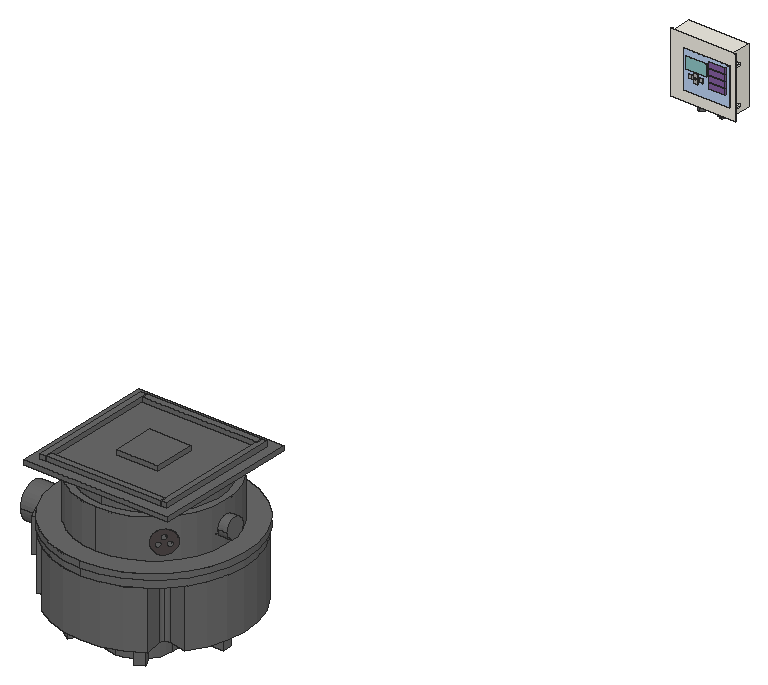
Revit family "28701s", category Generic Models, Revit 2021
Family settings
  Can host rebar = No
  Round Connector Dimension = Use Diameter
  Part Type = Normal
  Work Plane-Based = No
  Always vertical = Yes
  Cut with Voids When Loaded = No
  Shared = Yes
  Room Calculation Point = No
Parameters (values of type "28701S")
  SUPPLIER = "KESSEL"
  SA700ID50 = "nein"
  SA700ID49 = "Protection Class I"
  SA700ID48 = "no"
  SA700ID47 = "no"
  SA700ID46 = "yes"
  SA700ID37 = 10000 mm
  SA700ID34 = 11.5
  SA700ID33 = 1.2 W
  SA700ID32 = 32.50 kg
  SA700ID31 = 1
  SA700ID30 = 1
  SA700ID29 = "RWDR"
  SA700ID21 = 1000
  SA700ID10 = "No"
  SA700ID08 = 230 V
  PROCUREWEBLINK = "https://p.caden.as/kessel/28701S"
  PROCURELINK = "p.caden.as/kessel/28701S"
  PROCUREDATALASTUPDATE = "2024-05-22T12:17:59.982718567+01:00"
  PRC_SPECIFICATIONLINK = "https://ausschreiben.de/catalog/kessel/catalogItem/62a8735a-79bf-4c36-a3b8-16dd8ef09dda"
  NN = "Lifting station Aqualift F Compact Art.-Nr. 28701S, Art.-Nr. 28704S"
  NBSYN = "$SA810ID03."
  NB = "28701S"
  Model = "28701S"
  Manufacturer = "KESSEL"
  MIdent = "{$CADENAS_DATA/23d-libs/kessel/kessel_vdi_import/4/entwaesserung/hebeanlage20aqualift20f20compact_.prj},240 {STYP=ASS},{VTYP=3D},{NB=28701S},{LINA=28701S},{NN=Lifting station Aqualift F Compact Art.-Nr. 28701S, Art.-Nr. 28704S},{DATE=21.11.2022 10:46:02},{GEOMDATE=21.11.2022 10:37:44},{VERSION=},{LINEID=60},{WBVAR=LODLEVEL},{WBNUMERIC=LODLEVEL}  {NB=28701S},{LINA=28701S},{KT=DUMMY},{PREVIEW=../../bilder/ksb_w_28701s.png},{SA700ID04=Hebeanlage Aqualift F Compact, Mono, SPZ 1000-S3, Bodenplatte, schwarz},{SA810ID06=04026092073063},{SA700ID34=11.50},{SA010ID03=201805},{SA810ID03=28701S},{SA810ID10=KESSEL-Abwasserstation Aqualift F compact Einzelhebeanlage fürfäkalienhaltiges undfäkalienfreies Abwasser zum Einbau in die Bodenplatte. Aus Kunststoff,mit teleskopischem Aufsatzstück für stufenlosen Höhen- undNivauausgleich und integriertem Bodenablauf mit Geruchsverschluss.Dichtungsflansch für Feuchtigkeitsabdichtung,Einem seitlichen Zulauf DN 100, Anschlussbohrung mit Dichtung DN 50 fürKabelleerrohrund DN 70 für Entlüftungsleitung.Eine Fäkalienpumpe mit Schneideinrichtung gemäß DIN EN 12050,mit Drucksensor, optischer Alarmsonde und integrierterRückschlagklappe sowie Einhandschnellverschlüssen zurwerkzeugfreien Wartung.Mit Comfort Schaltgerät zur Wandmontage in trockenen, frostgeschütztenRäumen, spritzwassergeschützt, vollautomatischer Pumpenansteuerung mitoptischer und akustischer Alarmmeldung, detaillierte Betriebs- undStörungsanzeige im mehrzeiligem Display.  Potentialfreier Kontakt zurWeiterleitungeiner Sammelstör bzw.-alarmmeldung nachrüstbar.Einbauart: Einbau in die BodenplatteEinbautiefe: 460 mm bis 640 mmAbdeckplatte:  400 x 400 mm schwarzBauaufsichtliche Zulassung Z 53.2-484},{SA700ID37=10.00},{SA700ID33=1.20},{SA700ID08=230},{SA700ID30=1},{SA700ID32=32.50},{SA700ID49=Schutzklasse I},{SA700ID50=nein},{SA200ID03=6},{SA250ID03=vertikal},{SA260ID03=Trockenläuferpumpe},{SA350ID03=normalansaugend},{SA400ID03=E-Motor für Wechselstrom},{SA460ID03=direkt},{SA500ID03=Kunststoff, Edelstahl},{SA700ID06=32},{SA700ID07=100},{SA700ID09=1/N/PE 230V},{SA700ID10=Nein},{SA700ID11=50},{SA700ID12=IP 68},{SA700ID13=F},{SA700ID15=35},{SA700ID21=1000.00},{SA700ID22=0.69},{SA700ID23=2800},{SA700ID24=2800},{SA700ID26=5.20},{SA700ID27=14.90},{SA700ID28=durchgehend},{SA700ID29=RWDR},{SA700ID31=1},{SA700ID46=ja},{SA700ID47=nein},{SA700ID48=nein},{SA110ID04=Hebeanlage Aqualift F Compact},{SA300ID03=einstufig},{SA700ID44=10.00},{SA700ID45=10.00},{SA010ID04=KESSEL AG},{LODLEVEL=200},{LINK=https://www.kessel.de/info?han=28701S},{SA970ID01=970},{SA970ID02=7263},{SA970ID03=28701S},{SA970ID04=11002617},{SA970ID05=QUAD},{SA970ID06=-380.0100098},{SA970ID07=-295},{SA970ID08=-207},{SA970ID09=1},{SA970ID10=0},{SA970ID11=0},{SA970ID12=0},{SA970ID13=1},{SA970ID14=0},{SA970ID15=675},{SA970ID16=589.98999},{SA970ID17=490},{LODLEVEL_=200,'Low'},{LODLEVEL_DEU=200,'Low'},{LINK_=https://www.kessel.de/info?han=28701S},{LINK_DEU=https://www.kessel.de/info?han=28701S},{LODLEVEL_3DB=28701S_200},{DNIN1=100},{DNOUT1=32},{DNOUT2=50},{ISD1=80},{ISD2=38},{ISD3=MIN},{SA010ID01=010},{SA010ID02=4},{SA010ID06=www.kessel.de},{SA010ID07=www.kessel.de},{SA010ID12=20180713},{SA010ID13=DEU},{SA010ID14=DE},{SA100ID01=100},{SA100ID02=4},{SA100ID04=Entwässerung},{SA110ID01=110},{SA110ID02=5},{SA200ID01=200},{SA200ID02=6},{SA250ID01=250},{SA250ID02=2},{SA260ID01=260},{SA260ID02=2},{SA300ID01=300},{SA300ID02=1},{SA350ID01=350},{SA350ID02=1},{SA400ID01=400},{SA400ID02=1},{SA460ID01=460},{SA460ID02=1},{SA500ID01=500},{SA500ID02=1},{SA700ID01=700},{SA700ID02=32},{SA700ID10_=0},{SA700ID16=0},{SA700ID25=0},{SA700ID46_=1},{SA700ID47_=0},{SA700ID48_=0},{SA700ID49_=1},{SA700ID50_=0},{SA800ID01=800},{SA800ID02=2},{SA810ID01=810},{SA810ID02=32},{SA810ID04=28701S},{SA810ID07=32},{SA810ID09=1},{SA810ID14=PCE},{SA810ID15=1},{SA810ID16=NMP},{SA960ID03=32},{SA960ID04=3L},{SA960ID08=https://www.kessel.de/info?han=28701S},{SA010ID08=4026092000007},{SA100ID05=Hebeanlage},{SA110ID06=Hebeanlage}"
  LINK = "https://www.kessel.de/info?han=28701S"
  LINA = "28701S"
  Default Elevation = 0 mm
  CREATOR = "CADENAS GmbH"
  CATALOG = "KESSEL"
  BOMINFO = "LINA"
  ARTICLENO = "NB"
  4.810.00.9 Order quantity (multiplicator) = "1"
  4.810.00.7 Media- connection number = "32"
  4.810.00.6 GTIN number = "04026092073063"
  4.810.00.4 DATANORM number = "28701S"
  4.810.00.3 Producer order number = "28701S"
  4.710.03.7 Mass (net) = 32.50 kg
  4.710.03.5 Width = 590 mm
  4.710.03.4 Length = 670 mm
  4.710.03.3 Type of dimensions = "2"
  4.710.02.8 Area of application of wastewater pump = "1"
  4.710.02.7 Art des S2/S3-Betriebs = "50 %"
  4.710.02.6 Duty type = "S3"
  4.710.02.5 Cutting device = "1"
  4.710.02.4 Attached pump control = "1"
  4.710.01.5 Load regulation = "1"
  4.710.01.4 Designation of closed-loop control = "20"
  4.710.01.3 Identifier for closed-loop control = "40"
  4.700.00.9 Voltage = 0
  4.700.00.8 Nominal connection size on suction side = "100"
  4.700.00.7 Nominal connection size on pressure side = "100"
  4.700.00.6 Type of connection = "32"
  4.700.00.4 Product indentification = "Hebeanlage Aqualift F Compact, Mono, SPZ 1000-S3, Bodenplatte, schwarz"
  4.700.00.28 Motor pump shaft = "durchgehend"
  4.700.00.27 Starting current = 14.9
  4.700.00.26 Maximum power consumption per pump / drive = 5.2
  4.700.00.25 Minimum speed at internal speed adjustment = 0
  4.700.00.24 Nominal speed / maximum speed n = 46.6667
  4.700.00.23 Nominal speed of motor = 46.6667
  4.700.00.22 Maximum shaft output (P2) per pump/drive = 0.69 W
  4.700.00.16 Maximum temperature of pumped medium = 0 °C
  4.700.00.15 Increased safety class = "35 °C"
  4.700.00.13 Type of protection = "F"
  4.700.00.12 Frequency = 0
  4.700.00.11 Stern-/Dreieck-Anlaufschaltung bei Dreiphasenanschluss oder Drehstrom = "50 Hz"
  4.700.00.10 Phase = "0"
  4.500.00.3 Variant / Variant type / Accessories-name = "Kunststoff, Edelstahl"
  4.460.00.3 Variant / Variant type / Accessories-name = "direkt"
  4.400.00.3 Variant / Variant type / Accessories-name = "E-Motor für Wechselstrom"
  4.350.00.3 Variant / Variant type / Accessories-name = "normalansaugend"
  4.300.00.3 Variant / Variant type / Accessories-name = "einstufig"
  4.260.00.3 Variant / Variant type / Accessories-name = "Trockenläuferpumpe"
  4.250.00.3 Variant / Variant type / Accessories-name = "vertikal"
  4.200.00.3 Variant / Variant type / Accessories-name = "6"
  4.110.00.6 Product classification = "Hebeanlage"
  4.110.00.4 Product indentification = "Hebeanlage Aqualift F Compact"
  4.100.00.5 Main groups of wares = "Hebeanlage"
  4.100.00.4 Product indentification = "Entwässerung"
  4.010.00.8 Producer ID number = "4026092000007"
  4.010.00.7 Comment = "www.kessel.de"
  4.010.00.6 Web address of the manufacturer = "www.kessel.de"
  4.010.00.4 Manufacturer name = "KESSEL AG"
  4.010.00.3 Date of issuance (month) of guideline = "201805"
  4.010.00.2 Sheet number of the guideline = "4"
  4.010.00.14 Kennungen der Projektländer, für die die Datei gültig ist = "DE"
  4.010.00.13 Sprache der Datei = "DEU"
  4.010.00.12 Stand des Herstellerkatalogs = "20180713"
Reference planes
  plane 1 "Center (Front/Back)": y = 0
  plane 2: z = 0
  plane 3 "Center (Left/Right)": x = 0
Dimensions and locks
  aligned and locked: level to plane 2
Nested families
  nested 1: "28701s_content" at (0, 0, 0), type "28701S_Content"
  nested 2: "28701s_part1_X0Y0" at (1000, 1000, 1200), type "28701S_PART1_X0Y0"
  nested 3: "28701s_part2_X0Y0" at (0, 0, 0), type "28701S_PART2_X0Y0"
Connectors
  electrical at (936.5, 972.5, 1166.5)
    settings: on nested 2, index 1, voltage 0 V, apparent load 0 VA, apparent load phase1 0 VA, apparent load phase2 0 VA, apparent load phase3 0 VA, power factor 1, load classification "Other", number of poles 1, system type 31, power factor state 1, is connector primary yes, connector utility no, sub classification motor no, connector description ""
  electrical at (971, 972.5, 1163)
    settings: on nested 2, index 2, voltage 0 V, apparent load 0 VA, apparent load phase1 0 VA, apparent load phase2 0 VA, apparent load phase3 0 VA, power factor 1, load classification "Other", number of poles 1, system type 31, power factor state 1, is connector primary no, connector utility no, sub classification motor no, connector description ""
  electrical at (1005, 972.5, 1173)
    settings: on nested 2, index 3, voltage 0 V, apparent load 0 VA, apparent load phase1 0 VA, apparent load phase2 0 VA, apparent load phase3 0 VA, power factor 1, load classification "Other", number of poles 1, system type 31, power factor state 1, is connector primary no, connector utility no, sub classification motor no, connector description ""
  electrical at (1033, 972.5, 1161.3)
    settings: on nested 2, index 4, voltage 0 V, apparent load 0 VA, apparent load phase1 0 VA, apparent load phase2 0 VA, apparent load phase3 0 VA, power factor 1, load classification "Other", number of poles 1, system type 31, power factor state 1, is connector primary no, connector utility no, sub classification motor no, connector description ""
  electrical at (1057.5, 972.5, 1198.5)
    settings: on nested 2, index 5, voltage 0 V, apparent load 0 VA, apparent load phase1 0 VA, apparent load phase2 0 VA, apparent load phase3 0 VA, power factor 1, load classification "Other", number of poles 1, system type 31, power factor state 1, is connector primary no, connector utility no, sub classification motor no, connector description ""
  electrical at (1079.5, 972.5, 1198.5)
    settings: on nested 2, index 6, voltage 0 V, apparent load 0 VA, apparent load phase1 0 VA, apparent load phase2 0 VA, apparent load phase3 0 VA, power factor 1, load classification "Other", number of poles 1, system type 31, power factor state 1, is connector primary no, connector utility no, sub classification motor no, connector description ""
  piping at (-380, 0, 0), diameter 100
    settings: on nested 3, index 7, connector inside diameter 609.6 mm, connector length 0 mm, flow factor 0, pipe flow 0.0 L/s, pressure drop 0.0 Pa, fitting loss kfactor 0, connector angle 0.00°, fixture units 0, engagement length 0 mm, angle of deflection 0.00°, flow configuration 0, flow direction 1, fitting loss method 2, system type 29, joint type 0, gender type 0, connector reference index -1, connector utility 0, adjustable connector no, is connector primary yes, connector description ""
  piping at (-281.018, 118.476, 15.5), diameter 32
    settings: on nested 3, index 8, connector inside diameter 609.6 mm, connector length 0 mm, flow factor 0, pipe flow 0.0 L/s, pressure drop 0.0 Pa, fitting loss kfactor 0, connector angle 0.00°, fixture units 0, engagement length 0 mm, angle of deflection 0.00°, flow configuration 0, flow direction 2, fitting loss method 2, system type 29, joint type 0, gender type 0, connector reference index -1, connector utility 0, adjustable connector no, is connector primary no, connector description ""
  piping at (259.1, 0, 144), diameter 50
    settings: on nested 3, index 9, connector inside diameter 609.6 mm, connector length 0 mm, flow factor 0, pipe flow 0.0 L/s, pressure drop 0.0 Pa, fitting loss kfactor 0, connector angle 0.00°, fixture units 0, engagement length 0 mm, angle of deflection 0.00°, flow configuration 0, flow direction 2, fitting loss method 2, system type 29, joint type 0, gender type 0, connector reference index -1, connector utility 0, adjustable connector no, is connector primary no, connector description ""
  electrical at (177.761, -156.561, 139)
    settings: on nested 3, index 10, voltage 0 V, apparent load 0 VA, apparent load phase1 0 VA, apparent load phase2 0 VA, apparent load phase3 0 VA, power factor 1, load classification "Other", number of poles 1, system type 31, power factor state 1, is connector primary no, connector utility no, sub classification motor no, connector description ""
  electrical at (167.161, -167.161, 159)
    settings: on nested 3, index 11, voltage 0 V, apparent load 0 VA, apparent load phase1 0 VA, apparent load phase2 0 VA, apparent load phase3 0 VA, power factor 1, load classification "Other", number of poles 1, system type 31, power factor state 1, is connector primary no, connector utility no, sub classification motor no, connector description ""
  electrical at (156.561, -177.761, 139)
    settings: on nested 3, index 12, voltage 0 V, apparent load 0 VA, apparent load phase1 0 VA, apparent load phase2 0 VA, apparent load phase3 0 VA, power factor 1, load classification "Other", number of poles 1, system type 31, power factor state 1, is connector primary no, connector utility no, sub classification motor no, connector description ""
Definition of nested family "28701s_part1_X0Y0"
  Parameters (values of type "28701S_PART1_X0Y0")
    SUPPLIER = "KESSEL"
    SA700ID50 = "nein"
    SA700ID49 = "Protection Class I"
    SA700ID48 = "no"
    SA700ID47 = "no"
    SA700ID46 = "yes"
    SA700ID37 = 10000 mm
    SA700ID34 = 11.5
    SA700ID33 = 1.2 W
    SA700ID32 = 32.50 kg
    SA700ID31 = 1
    SA700ID30 = 1
    SA700ID29 = "RWDR"
    SA700ID21 = 1000
    SA700ID10 = "No"
    SA700ID08 = 230 V
    NBSYN = "$SA810ID03._PART1"
    NB = "28701S_PART1"
    Model = "28701S_PART1"
    Manufacturer = "KESSEL"
    MIdent = "{$CADENAS_DATA/23d-libs/kessel/kessel_vdi_import/4/entwaesserung/hebeanlage20aqualift20f20compact_.prj},260 {VTYP=3D},{NB=28701S_PART1},{LINA=28701S_PART1},{NN=Lifting station Aqualift F Compact Art.-Nr. 28701S, Art.-Nr. 28704S_PART1},{NOPRJ=TRUE},{DATE=21.11.2022 10:46:02},{GEOMDATE=21.11.2022 10:37:44},{VERSION=},{LINEID=60},{WBVAR=LODLEVEL},{WBNUMERIC=LODLEVEL}  {NB=28701S_PART1},{LINA=28701S_PART1},{KT=DUMMY},{PREVIEW=../../bilder/ksb_w_28701s.png},{SA700ID04=Hebeanlage Aqualift F Compact, Mono, SPZ 1000-S3, Bodenplatte, schwarz},{SA810ID06=04026092073063},{SA700ID34=11.50},{SA010ID03=201805},{SA810ID03=28701S},{SA810ID10=KESSEL-Abwasserstation Aqualift F compact Einzelhebeanlage fürfäkalienhaltiges undfäkalienfreies Abwasser zum Einbau in die Bodenplatte. Aus Kunststoff,mit teleskopischem Aufsatzstück für stufenlosen Höhen- undNivauausgleich und integriertem Bodenablauf mit Geruchsverschluss.Dichtungsflansch für Feuchtigkeitsabdichtung,Einem seitlichen Zulauf DN 100, Anschlussbohrung mit Dichtung DN 50 fürKabelleerrohrund DN 70 für Entlüftungsleitung.Eine Fäkalienpumpe mit Schneideinrichtung gemäß DIN EN 12050,mit Drucksensor, optischer Alarmsonde und integrierterRückschlagklappe sowie Einhandschnellverschlüssen zurwerkzeugfreien Wartung.Mit Comfort Schaltgerät zur Wandmontage in trockenen, frostgeschütztenRäumen, spritzwassergeschützt, vollautomatischer Pumpenansteuerung mitoptischer und akustischer Alarmmeldung, detaillierte Betriebs- undStörungsanzeige im mehrzeiligem Display.  Potentialfreier Kontakt zurWeiterleitungeiner Sammelstör bzw.-alarmmeldung nachrüstbar.Einbauart: Einbau in die BodenplatteEinbautiefe: 460 mm bis 640 mmAbdeckplatte:  400 x 400 mm schwarzBauaufsichtliche Zulassung Z 53.2-484},{SA700ID37=10.00},{SA700ID33=1.20},{SA700ID08=230},{SA700ID30=1},{SA700ID32=32.50},{SA700ID49=Schutzklasse I},{SA700ID50=nein},{SA200ID03=6},{SA250ID03=vertikal},{SA260ID03=Trockenläuferpumpe},{SA350ID03=normalansaugend},{SA400ID03=E-Motor für Wechselstrom},{SA460ID03=direkt},{SA500ID03=Kunststoff, Edelstahl},{SA700ID06=32},{SA700ID07=100},{SA700ID09=1/N/PE 230V},{SA700ID10=Nein},{SA700ID11=50},{SA700ID12=IP 68},{SA700ID13=F},{SA700ID15=35},{SA700ID21=1000.00},{SA700ID22=0.69},{SA700ID23=2800},{SA700ID24=2800},{SA700ID26=5.20},{SA700ID27=14.90},{SA700ID28=durchgehend},{SA700ID29=RWDR},{SA700ID31=1},{SA700ID46=ja},{SA700ID47=nein},{SA700ID48=nein},{SA110ID04=Hebeanlage Aqualift F Compact},{SA300ID03=einstufig},{SA700ID44=10.00},{SA700ID45=10.00},{SA010ID04=KESSEL AG},{LODLEVEL=200},{LINK=https://www.kessel.de/info?han=28701S},{SA970ID01=970},{SA970ID02=7263},{SA970ID03=28701S},{SA970ID04=11002617},{SA970ID05=QUAD},{SA970ID06=-380.0100098},{SA970ID07=-295},{SA970ID08=-207},{SA970ID09=1},{SA970ID10=0},{SA970ID11=0},{SA970ID12=0},{SA970ID13=1},{SA970ID14=0},{SA970ID15=675},{SA970ID16=589.98999},{SA970ID17=490},{LODLEVEL_=200,'Low'},{LODLEVEL_DEU=200,'Low'},{LINK_=https://www.kessel.de/info?han=28701S},{LINK_DEU=https://www.kessel.de/info?han=28701S},{LODLEVEL_3DB=28701S_200},{DNIN1=100},{DNOUT1=32},{DNOUT2=50},{ISD1=80},{ISD2=38},{ISD3=MIN},{SA010ID01=010},{SA010ID02=4},{SA010ID06=www.kessel.de},{SA010ID07=www.kessel.de},{SA010ID12=20180713},{SA010ID13=DEU},{SA010ID14=DE},{SA100ID01=100},{SA100ID02=4},{SA100ID04=Entwässerung},{SA110ID01=110},{SA110ID02=5},{SA200ID01=200},{SA200ID02=6},{SA250ID01=250},{SA250ID02=2},{SA260ID01=260},{SA260ID02=2},{SA300ID01=300},{SA300ID02=1},{SA350ID01=350},{SA350ID02=1},{SA400ID01=400},{SA400ID02=1},{SA460ID01=460},{SA460ID02=1},{SA500ID01=500},{SA500ID02=1},{SA700ID01=700},{SA700ID02=32},{SA700ID10_=0},{SA700ID16=0},{SA700ID25=0},{SA700ID46_=1},{SA700ID47_=0},{SA700ID48_=0},{SA700ID49_=1},{SA700ID50_=0},{SA800ID01=800},{SA800ID02=2},{SA810ID01=810},{SA810ID02=32},{SA810ID04=28701S},{SA810ID07=32},{SA810ID09=1},{SA810ID14=PCE},{SA810ID15=1},{SA810ID16=NMP},{SA960ID03=32},{SA960ID04=3L},{SA960ID08=https://www.kessel.de/info?han=28701S},{SA010ID08=4026092000007},{SA100ID05=Hebeanlage},{SA110ID06=Hebeanlage}"
    LINK = "https://www.kessel.de/info?han=28701S"
    LINA = "28701S_PART1"
    Default Elevation = 1219.2 mm
    CREATOR = "CADENAS GmbH"
    CATALOG = "KESSEL"
    BOMINFO = "LINA"
    ARTICLENO = "NB"
    4.810.00.9 Order quantity (multiplicator) = "1"
    4.810.00.7 Media- connection number = "32"
    4.810.00.6 GTIN number = "04026092073063"
    4.810.00.4 DATANORM number = "28701S"
    4.810.00.3 Producer order number = "28701S"
    4.710.03.7 Mass (net) = 32.50 kg
    4.710.03.5 Width = 590 mm
    4.710.03.4 Length = 670 mm
    4.710.03.3 Type of dimensions = "2"
    4.710.02.8 Area of application of wastewater pump = "1"
    4.710.02.7 Art des S2/S3-Betriebs = "50 %"
    4.710.02.6 Duty type = "S3"
    4.710.02.5 Cutting device = "1"
    4.710.02.4 Attached pump control = "1"
    4.710.01.5 Load regulation = "1"
    4.710.01.4 Designation of closed-loop control = "20"
    4.710.01.3 Identifier for closed-loop control = "40"
    4.700.00.9 Voltage = 0
    4.700.00.8 Nominal connection size on suction side = "100"
    4.700.00.7 Nominal connection size on pressure side = "100"
    4.700.00.6 Type of connection = "32"
    4.700.00.4 Product indentification = "Hebeanlage Aqualift F Compact, Mono, SPZ 1000-S3, Bodenplatte, schwarz"
    4.700.00.28 Motor pump shaft = "durchgehend"
    4.700.00.27 Starting current = 14.9
    4.700.00.26 Maximum power consumption per pump / drive = 5.2
    4.700.00.25 Minimum speed at internal speed adjustment = 0
    4.700.00.24 Nominal speed / maximum speed n = 46.6667
    4.700.00.23 Nominal speed of motor = 46.6667
    4.700.00.22 Maximum shaft output (P2) per pump/drive = 0.69 W
    4.700.00.16 Maximum temperature of pumped medium = 0 °C
    4.700.00.15 Increased safety class = "35 °C"
    4.700.00.13 Type of protection = "F"
    4.700.00.12 Frequency = 0
    4.700.00.11 Stern-/Dreieck-Anlaufschaltung bei Dreiphasenanschluss oder Drehstrom = "50 Hz"
    4.700.00.10 Phase = "0"
    4.500.00.3 Variant / Variant type / Accessories-name = "Kunststoff, Edelstahl"
    4.460.00.3 Variant / Variant type / Accessories-name = "direkt"
    4.400.00.3 Variant / Variant type / Accessories-name = "E-Motor für Wechselstrom"
    4.350.00.3 Variant / Variant type / Accessories-name = "normalansaugend"
    4.300.00.3 Variant / Variant type / Accessories-name = "einstufig"
    4.260.00.3 Variant / Variant type / Accessories-name = "Trockenläuferpumpe"
    4.250.00.3 Variant / Variant type / Accessories-name = "vertikal"
    4.200.00.3 Variant / Variant type / Accessories-name = "6"
    4.110.00.6 Product classification = "Hebeanlage"
    4.110.00.4 Product indentification = "Hebeanlage Aqualift F Compact"
    4.100.00.5 Main groups of wares = "Hebeanlage"
    4.100.00.4 Product indentification = "Entwässerung"
    4.010.00.8 Producer ID number = "4026092000007"
    4.010.00.7 Comment = "www.kessel.de"
    4.010.00.6 Web address of the manufacturer = "www.kessel.de"
    4.010.00.4 Manufacturer name = "KESSEL AG"
    4.010.00.3 Date of issuance (month) of guideline = "201805"
    4.010.00.2 Sheet number of the guideline = "4"
    4.010.00.14 Kennungen der Projektländer, für die die Datei gültig ist = "DE"
    4.010.00.13 Sprache der Datei = "DEU"
    4.010.00.12 Stand des Herstellerkatalogs = "20180713"
  Reference planes
    plane 1 "Center (Front/Back)": y = 0
    plane 2: z = 0
    plane 3 "Center (Left/Right)": x = 0
  Dimensions and locks
    aligned and locked: level to plane 2
  Nested families
    nested 1: "28701s_part1_content" at (0, 0, 0), type "28701S_PART1_Content"
  Definition of nested family "28701s_part1_content"
    Parameters (values of type "28701S_PART1_Content")
      SUPPLIER = "KESSEL"
      SA700ID50 = "nein"
      SA700ID49 = "Protection Class I"
      SA700ID48 = "no"
      SA700ID47 = "no"
      SA700ID46 = "yes"
      SA700ID37 = 10000 mm
      SA700ID34 = 11.5
      SA700ID33 = 1.2 W
      SA700ID32 = 32.50 kg
      SA700ID31 = 1
      SA700ID30 = 1
      SA700ID29 = "RWDR"
      SA700ID21 = 1000
      SA700ID10 = "No"
      SA700ID08 = 230 V
      NBSYN = "$SA810ID03._PART1"
      NB = "28701S_PART1"
      Model = "28701S_PART1"
      Manufacturer = "KESSEL"
      LINK = "https://www.kessel.de/info?han=28701S"
      LINA = "28701S_PART1"
      Default Elevation = 1219.2 mm
      CREATOR = "CADENAS GmbH"
      CATALOG = "KESSEL"
      BOMINFO = "LINA"
      ARTICLENO = "NB"
      4.810.00.9 Order quantity (multiplicator) = "1"
      4.810.00.7 Media- connection number = "32"
      4.810.00.6 GTIN number = "04026092073063"
      4.810.00.4 DATANORM number = "28701S"
      4.810.00.3 Producer order number = "28701S"
      4.710.03.7 Mass (net) = 32.50 kg
      4.710.03.5 Width = 590 mm
      4.710.03.4 Length = 670 mm
      4.710.03.3 Type of dimensions = "2"
      4.710.02.8 Area of application of wastewater pump = "1"
      4.710.02.7 Art des S2/S3-Betriebs = "50 %"
      4.710.02.6 Duty type = "S3"
      4.710.02.5 Cutting device = "1"
      4.710.02.4 Attached pump control = "1"
      4.710.01.5 Load regulation = "1"
      4.710.01.4 Designation of closed-loop control = "20"
      4.710.01.3 Identifier for closed-loop control = "40"
      4.700.00.9 Voltage = 0
      4.700.00.8 Nominal connection size on suction side = "100"
      4.700.00.7 Nominal connection size on pressure side = "100"
      4.700.00.6 Type of connection = "32"
      4.700.00.4 Product indentification = "Hebeanlage Aqualift F Compact, Mono, SPZ 1000-S3, Bodenplatte, schwarz"
      4.700.00.28 Motor pump shaft = "durchgehend"
      4.700.00.27 Starting current = 14.9
      4.700.00.26 Maximum power consumption per pump / drive = 5.2
      4.700.00.25 Minimum speed at internal speed adjustment = 0
      4.700.00.24 Nominal speed / maximum speed n = 46.6667
      4.700.00.23 Nominal speed of motor = 46.6667
      4.700.00.22 Maximum shaft output (P2) per pump/drive = 0.69 W
      4.700.00.16 Maximum temperature of pumped medium = 0 °C
      4.700.00.15 Increased safety class = "35 °C"
      4.700.00.13 Type of protection = "F"
      4.700.00.12 Frequency = 0
      4.700.00.11 Stern-/Dreieck-Anlaufschaltung bei Dreiphasenanschluss oder Drehstrom = "50 Hz"
      4.700.00.10 Phase = "0"
      4.500.00.3 Variant / Variant type / Accessories-name = "Kunststoff, Edelstahl"
      4.460.00.3 Variant / Variant type / Accessories-name = "direkt"
      4.400.00.3 Variant / Variant type / Accessories-name = "E-Motor für Wechselstrom"
      4.350.00.3 Variant / Variant type / Accessories-name = "normalansaugend"
      4.300.00.3 Variant / Variant type / Accessories-name = "einstufig"
      4.260.00.3 Variant / Variant type / Accessories-name = "Trockenläuferpumpe"
      4.250.00.3 Variant / Variant type / Accessories-name = "vertikal"
      4.200.00.3 Variant / Variant type / Accessories-name = "6"
      4.110.00.6 Product classification = "Hebeanlage"
      4.110.00.4 Product indentification = "Hebeanlage Aqualift F Compact"
      4.100.00.5 Main groups of wares = "Hebeanlage"
      4.100.00.4 Product indentification = "Entwässerung"
      4.010.00.8 Producer ID number = "4026092000007"
      4.010.00.7 Comment = "www.kessel.de"
      4.010.00.6 Web address of the manufacturer = "www.kessel.de"
      4.010.00.4 Manufacturer name = "KESSEL AG"
      4.010.00.3 Date of issuance (month) of guideline = "201805"
      4.010.00.2 Sheet number of the guideline = "4"
      4.010.00.14 Kennungen der Projektländer, für die die Datei gültig ist = "DE"
      4.010.00.13 Sprache der Datei = "DEU"
      4.010.00.12 Stand des Herstellerkatalogs = "20180713"
    Reference planes
      plane 1 "Center (Front/Back)": y = 0
      plane 2: z = 0
      plane 3 "Center (Left/Right)": x = 0
    Forms (mm)
      Extrusion 1, solid, detail levels medium+fine
        sketch origin (94.5, 0, 0) x (0, -1, 0) y (0, 0, 1)
          loop
            line (0, 181) -> (0, 0) -> (66, 0) -> (66, 181) -> (0, 181)
        from 0 to 189
      Extrusion 2, solid, detail levels medium+fine
        sketch origin (108.5, -66, -7) x (0, -1, 0) y (0, 0, 1)
          loop
            line (0, 194) -> (0, 0) -> (2, 0) -> (2, 194) -> (0, 194)
        from 0 to 208
      Extrusion 3, solid, detail levels medium+fine
        sketch origin (90, -68, 26.5) x (0, -1, 0) y (0, 0, 1)
          loop
            line (-1.2, 120) -> (-1.2, 0) -> (0.25, 0) -> (0.25, 120) -> (-1.2, 120)
        from 0 to 146
      Extrusion 4, solid, detail levels medium+fine
        sketch origin (5.5, -68.25, 66) x (0, -1, 0) y (0, 0, 1)
          loop
            line (-1, 12) -> (-1, 0) -> (0.5, 0) -> (0.5, 12) -> (-1, 12)
        from 0 to 12
      Extrusion 5, solid, detail levels medium+fine
        sketch origin (76.25, -68.25, 79) x (0, -1, 0) y (0, 0, 1)
          loop
            line (0, 16) -> (0, 0) -> (1.75, 0) -> (1.75, 16) -> (0, 16)
        from 0 to 51
      Extrusion 6, solid, detail levels medium+fine
        sketch origin (-11.75, -68.25, 74) x (0, -1, 0) y (0, 0, 1)
          loop
            line (-1, 12) -> (-1, 0) -> (0.5, 0) -> (0.5, 12) -> (-1, 12)
        from 0 to 12
      Extrusion 7, solid, detail levels medium+fine
        sketch origin (76.25, -68.25, 59) x (0, -1, 0) y (0, 0, 1)
          loop
            line (0, 16) -> (0, 0) -> (1.75, 0) -> (1.75, 16) -> (0, 16)
        from 0 to 51
      Extrusion 8, solid, detail levels medium+fine
        sketch origin (17.4, -68.25, 89.5) x (0, -1, 0) y (0, 0, 1)
          loop
            line (-1, 37) -> (-1, 0) -> (0.5, 0) -> (0.5, 37) -> (-1, 37)
        from 0 to 66
      Extrusion 9, solid, detail levels medium+fine
        sketch origin (76.25, -68.25, 99) x (0, -1, 0) y (0, 0, 1)
          loop
            line (0, 16) -> (0, 0) -> (1.75, 0) -> (1.75, 16) -> (0, 16)
        from 0 to 51
      Extrusion 10, solid, detail levels medium+fine
        sketch origin (-11.75, -68.25, 57.5) x (0, -1, 0) y (0, 0, 1)
          loop
            line (-1, 12) -> (-1, 0) -> (0.5, 0) -> (0.5, 12) -> (-1, 12)
        from 0 to 12
      Extrusion 11, solid, detail levels medium+fine
        sketch origin (76.25, -68.25, 119) x (0, -1, 0) y (0, 0, 1)
          loop
            line (0, 16) -> (0, 0) -> (1.75, 0) -> (1.75, 16) -> (0, 16)
        from 0 to 51
      Extrusion 12, solid, detail levels medium+fine
        sketch origin (-29, -68.25, 66) x (0, -1, 0) y (0, 0, 1)
          loop
            line (-1, 12) -> (-1, 0) -> (0.5, 0) -> (0.5, 12) -> (-1, 12)
        from 0 to 12
      Extrusion 13, solid, detail levels medium+fine
        sketch origin (5, -27.5, 0) x (1, 0, 0) y (0, -1, 0)
          loop
            circle (0, 0) r 11
        from 0 to 17.3
      Extrusion 14, solid, detail levels medium+fine
        sketch origin (5, -27.5, -17.2) x (1, 0, 0) y (0, -1, 0)
          loop
            circle (0, 0) r 8.65
        from 0 to 9.8
      Extrusion 15, solid, detail levels medium+fine
        sketch origin (-29, -27.5, 0) x (1, 0, 0) y (0, -1, 0)
          loop
            circle (0, 0) r 11.4
        from 0 to 9
      Extrusion 16, solid, detail levels medium+fine
        sketch origin (-29, -27.5, -9) x (1, 0, 0) y (0, -1, 0)
          loop
            circle (0, 0) r 11.75
        from 0 to 28
      Extrusion 17, solid, detail levels medium+fine
        sketch origin (33, -27.5, 0) x (1, 0, 0) y (0, -1, 0)
          loop
            circle (0, 0) r 11
        from 0 to 11
      Extrusion 18, solid, detail levels medium+fine
        sketch origin (33, -27.5, -11) x (1, 0, 0) y (0, -1, 0)
          loop
            circle (0, 0) r 11
        from 0 to 19.8
      Extrusion 19, solid, detail levels medium+fine
        sketch origin (33, -27.5, -30.7) x (1, 0, 0) y (0, -1, 0)
          loop
            circle (0, 0) r 6
        from 0 to 8
      Extrusion 20, solid, detail levels medium+fine
        sketch origin (57.5, -27.5, 0) x (1, 0, 0) y (0, -1, 0)
          loop
            circle (0, 0) r 10
        from 0 to 1.5
      Extrusion 21, solid, detail levels medium+fine
        sketch origin (106.5, -50, 145) x (0, -1, 0) y (0, 0, 1)
          loop
            line (0, 4) -> (0, 0) -> (16, 0) -> (16, 4) -> (0, 4)
        from 0 to 12
      Extrusion 22, solid, detail levels medium+fine
        sketch origin (106.5, -50, 149) x (0, -1, 0) y (0, 0, 1)
          loop
            line (0, 4) -> (0, 0) -> (12, 0) -> (12, 4) -> (0, 4)
        from 0 to 16
      Extrusion 23, solid, detail levels medium+fine
        sketch origin (106.5, -50, 26) x (0, -1, 0) y (0, 0, 1)
          loop
            line (0, 4) -> (0, 0) -> (16, 0) -> (16, 4) -> (0, 4)
        from 0 to 12
      Extrusion 24, solid, detail levels medium+fine
        sketch origin (106.5, -50, 30) x (0, -1, 0) y (0, 0, 1)
          loop
            line (0, 4) -> (0, 0) -> (12, 0) -> (12, 4) -> (0, 4)
        from 0 to 16
      Extrusion 25, solid, detail levels medium+fine
        sketch origin (-63.5, -27.5, 0) x (1, 0, 0) y (0, -1, 0)
          loop
            circle (0, 0) r 11
        from 0 to 23.5
      Extrusion 26, solid, detail levels medium+fine
        sketch origin (-63.5, -27.5, -23.5) x (1, 0, 0) y (0, -1, 0)
          loop
            circle (0, 0) r 3
        from 0 to 10
      Extrusion 27, solid, detail levels medium+fine
        sketch origin (79.5, -27.5, 0) x (1, 0, 0) y (0, -1, 0)
          loop
            circle (0, 0) r 10
        from 0 to 1.5
      Extrusion 28, solid, detail levels coarse
        sketch origin (4.5, -35, -38.7) x (1, 0, 0) y (0, 1, 0)
          loop
            line (-104, -35) -> (104, -35) -> (104, 35) -> (-104, 35) -> (-104, -35)
        from 0 to 225.7
    Dimensions and locks
      aligned and locked: level to plane 2
Definition of nested family "28701s_part2_X0Y0"
  Parameters (values of type "28701S_PART2_X0Y0")
    SUPPLIER = "KESSEL"
    SA700ID50 = "nein"
    SA700ID49 = "Protection Class I"
    SA700ID48 = "no"
    SA700ID47 = "no"
    SA700ID46 = "yes"
    SA700ID37 = 10000 mm
    SA700ID34 = 11.5
    SA700ID33 = 1.2 W
    SA700ID32 = 32.50 kg
    SA700ID31 = 1
    SA700ID30 = 1
    SA700ID29 = "RWDR"
    SA700ID21 = 1000
    SA700ID10 = "No"
    SA700ID08 = 230 V
    NBSYN = "$SA810ID03._PART2"
    NB = "28701S_PART2"
    Model = "28701S_PART2"
    Manufacturer = "KESSEL"
    MIdent = "{$CADENAS_DATA/23d-libs/kessel/kessel_vdi_import/4/entwaesserung/hebeanlage20aqualift20f20compact_.prj},260 {VTYP=3D},{NB=28701S_PART2},{LINA=28701S_PART2},{NN=Lifting station Aqualift F Compact Art.-Nr. 28701S, Art.-Nr. 28704S_PART2},{NOPRJ=TRUE},{DATE=21.11.2022 10:46:02},{GEOMDATE=21.11.2022 10:37:44},{VERSION=},{LINEID=60},{WBVAR=LODLEVEL},{WBNUMERIC=LODLEVEL}  {NB=28701S_PART2},{LINA=28701S_PART2},{KT=DUMMY},{PREVIEW=../../bilder/ksb_w_28701s.png},{SA700ID04=Hebeanlage Aqualift F Compact, Mono, SPZ 1000-S3, Bodenplatte, schwarz},{SA810ID06=04026092073063},{SA700ID34=11.50},{SA010ID03=201805},{SA810ID03=28701S},{SA810ID10=KESSEL-Abwasserstation Aqualift F compact Einzelhebeanlage fürfäkalienhaltiges undfäkalienfreies Abwasser zum Einbau in die Bodenplatte. Aus Kunststoff,mit teleskopischem Aufsatzstück für stufenlosen Höhen- undNivauausgleich und integriertem Bodenablauf mit Geruchsverschluss.Dichtungsflansch für Feuchtigkeitsabdichtung,Einem seitlichen Zulauf DN 100, Anschlussbohrung mit Dichtung DN 50 fürKabelleerrohrund DN 70 für Entlüftungsleitung.Eine Fäkalienpumpe mit Schneideinrichtung gemäß DIN EN 12050,mit Drucksensor, optischer Alarmsonde und integrierterRückschlagklappe sowie Einhandschnellverschlüssen zurwerkzeugfreien Wartung.Mit Comfort Schaltgerät zur Wandmontage in trockenen, frostgeschütztenRäumen, spritzwassergeschützt, vollautomatischer Pumpenansteuerung mitoptischer und akustischer Alarmmeldung, detaillierte Betriebs- undStörungsanzeige im mehrzeiligem Display.  Potentialfreier Kontakt zurWeiterleitungeiner Sammelstör bzw.-alarmmeldung nachrüstbar.Einbauart: Einbau in die BodenplatteEinbautiefe: 460 mm bis 640 mmAbdeckplatte:  400 x 400 mm schwarzBauaufsichtliche Zulassung Z 53.2-484},{SA700ID37=10.00},{SA700ID33=1.20},{SA700ID08=230},{SA700ID30=1},{SA700ID32=32.50},{SA700ID49=Schutzklasse I},{SA700ID50=nein},{SA200ID03=6},{SA250ID03=vertikal},{SA260ID03=Trockenläuferpumpe},{SA350ID03=normalansaugend},{SA400ID03=E-Motor für Wechselstrom},{SA460ID03=direkt},{SA500ID03=Kunststoff, Edelstahl},{SA700ID06=32},{SA700ID07=100},{SA700ID09=1/N/PE 230V},{SA700ID10=Nein},{SA700ID11=50},{SA700ID12=IP 68},{SA700ID13=F},{SA700ID15=35},{SA700ID21=1000.00},{SA700ID22=0.69},{SA700ID23=2800},{SA700ID24=2800},{SA700ID26=5.20},{SA700ID27=14.90},{SA700ID28=durchgehend},{SA700ID29=RWDR},{SA700ID31=1},{SA700ID46=ja},{SA700ID47=nein},{SA700ID48=nein},{SA110ID04=Hebeanlage Aqualift F Compact},{SA300ID03=einstufig},{SA700ID44=10.00},{SA700ID45=10.00},{SA010ID04=KESSEL AG},{LODLEVEL=200},{LINK=https://www.kessel.de/info?han=28701S},{SA970ID01=970},{SA970ID02=7263},{SA970ID03=28701S},{SA970ID04=11002617},{SA970ID05=QUAD},{SA970ID06=-380.0100098},{SA970ID07=-295},{SA970ID08=-207},{SA970ID09=1},{SA970ID10=0},{SA970ID11=0},{SA970ID12=0},{SA970ID13=1},{SA970ID14=0},{SA970ID15=675},{SA970ID16=589.98999},{SA970ID17=490},{LODLEVEL_=200,'Low'},{LODLEVEL_DEU=200,'Low'},{LINK_=https://www.kessel.de/info?han=28701S},{LINK_DEU=https://www.kessel.de/info?han=28701S},{LODLEVEL_3DB=28701S_200},{DNIN1=100},{DNOUT1=32},{DNOUT2=50},{ISD1=80},{ISD2=38},{ISD3=MIN},{SA010ID01=010},{SA010ID02=4},{SA010ID06=www.kessel.de},{SA010ID07=www.kessel.de},{SA010ID12=20180713},{SA010ID13=DEU},{SA010ID14=DE},{SA100ID01=100},{SA100ID02=4},{SA100ID04=Entwässerung},{SA110ID01=110},{SA110ID02=5},{SA200ID01=200},{SA200ID02=6},{SA250ID01=250},{SA250ID02=2},{SA260ID01=260},{SA260ID02=2},{SA300ID01=300},{SA300ID02=1},{SA350ID01=350},{SA350ID02=1},{SA400ID01=400},{SA400ID02=1},{SA460ID01=460},{SA460ID02=1},{SA500ID01=500},{SA500ID02=1},{SA700ID01=700},{SA700ID02=32},{SA700ID10_=0},{SA700ID16=0},{SA700ID25=0},{SA700ID46_=1},{SA700ID47_=0},{SA700ID48_=0},{SA700ID49_=1},{SA700ID50_=0},{SA800ID01=800},{SA800ID02=2},{SA810ID01=810},{SA810ID02=32},{SA810ID04=28701S},{SA810ID07=32},{SA810ID09=1},{SA810ID14=PCE},{SA810ID15=1},{SA810ID16=NMP},{SA960ID03=32},{SA960ID04=3L},{SA960ID08=https://www.kessel.de/info?han=28701S},{SA010ID08=4026092000007},{SA100ID05=Hebeanlage},{SA110ID06=Hebeanlage}"
    LINK = "https://www.kessel.de/info?han=28701S"
    LINA = "28701S_PART2"
    Default Elevation = 1219.2 mm
    CREATOR = "CADENAS GmbH"
    CATALOG = "KESSEL"
    BOMINFO = "LINA"
    ARTICLENO = "NB"
    4.810.00.9 Order quantity (multiplicator) = "1"
    4.810.00.7 Media- connection number = "32"
    4.810.00.6 GTIN number = "04026092073063"
    4.810.00.4 DATANORM number = "28701S"
    4.810.00.3 Producer order number = "28701S"
    4.710.03.7 Mass (net) = 32.50 kg
    4.710.03.5 Width = 590 mm
    4.710.03.4 Length = 670 mm
    4.710.03.3 Type of dimensions = "2"
    4.710.02.8 Area of application of wastewater pump = "1"
    4.710.02.7 Art des S2/S3-Betriebs = "50 %"
    4.710.02.6 Duty type = "S3"
    4.710.02.5 Cutting device = "1"
    4.710.02.4 Attached pump control = "1"
    4.710.01.5 Load regulation = "1"
    4.710.01.4 Designation of closed-loop control = "20"
    4.710.01.3 Identifier for closed-loop control = "40"
    4.700.00.9 Voltage = 0
    4.700.00.8 Nominal connection size on suction side = "100"
    4.700.00.7 Nominal connection size on pressure side = "100"
    4.700.00.6 Type of connection = "32"
    4.700.00.4 Product indentification = "Hebeanlage Aqualift F Compact, Mono, SPZ 1000-S3, Bodenplatte, schwarz"
    4.700.00.28 Motor pump shaft = "durchgehend"
    4.700.00.27 Starting current = 14.9
    4.700.00.26 Maximum power consumption per pump / drive = 5.2
    4.700.00.25 Minimum speed at internal speed adjustment = 0
    4.700.00.24 Nominal speed / maximum speed n = 46.6667
    4.700.00.23 Nominal speed of motor = 46.6667
    4.700.00.22 Maximum shaft output (P2) per pump/drive = 0.69 W
    4.700.00.16 Maximum temperature of pumped medium = 0 °C
    4.700.00.15 Increased safety class = "35 °C"
    4.700.00.13 Type of protection = "F"
    4.700.00.12 Frequency = 0
    4.700.00.11 Stern-/Dreieck-Anlaufschaltung bei Dreiphasenanschluss oder Drehstrom = "50 Hz"
    4.700.00.10 Phase = "0"
    4.500.00.3 Variant / Variant type / Accessories-name = "Kunststoff, Edelstahl"
    4.460.00.3 Variant / Variant type / Accessories-name = "direkt"
    4.400.00.3 Variant / Variant type / Accessories-name = "E-Motor für Wechselstrom"
    4.350.00.3 Variant / Variant type / Accessories-name = "normalansaugend"
    4.300.00.3 Variant / Variant type / Accessories-name = "einstufig"
    4.260.00.3 Variant / Variant type / Accessories-name = "Trockenläuferpumpe"
    4.250.00.3 Variant / Variant type / Accessories-name = "vertikal"
    4.200.00.3 Variant / Variant type / Accessories-name = "6"
    4.110.00.6 Product classification = "Hebeanlage"
    4.110.00.4 Product indentification = "Hebeanlage Aqualift F Compact"
    4.100.00.5 Main groups of wares = "Hebeanlage"
    4.100.00.4 Product indentification = "Entwässerung"
    4.010.00.8 Producer ID number = "4026092000007"
    4.010.00.7 Comment = "www.kessel.de"
    4.010.00.6 Web address of the manufacturer = "www.kessel.de"
    4.010.00.4 Manufacturer name = "KESSEL AG"
    4.010.00.3 Date of issuance (month) of guideline = "201805"
    4.010.00.2 Sheet number of the guideline = "4"
    4.010.00.14 Kennungen der Projektländer, für die die Datei gültig ist = "DE"
    4.010.00.13 Sprache der Datei = "DEU"
    4.010.00.12 Stand des Herstellerkatalogs = "20180713"
  Reference planes
    plane 1 "Center (Front/Back)": y = 0
    plane 2: z = 0
    plane 3 "Center (Left/Right)": x = 0
  Dimensions and locks
    aligned and locked: level to plane 2
  Nested families
    nested 1: "28701s_part2_content" at (0, 0, 0), type "28701S_PART2_Content"
  Definition of nested family "28701s_part2_content"
    Parameters (values of type "28701S_PART2_Content")
      SUPPLIER = "KESSEL"
      SA700ID50 = "nein"
      SA700ID49 = "Protection Class I"
      SA700ID48 = "no"
      SA700ID47 = "no"
      SA700ID46 = "yes"
      SA700ID37 = 10000 mm
      SA700ID34 = 11.5
      SA700ID33 = 1.2 W
      SA700ID32 = 32.50 kg
      SA700ID31 = 1
      SA700ID30 = 1
      SA700ID29 = "RWDR"
      SA700ID21 = 1000
      SA700ID10 = "No"
      SA700ID08 = 230 V
      NBSYN = "$SA810ID03._PART2"
      NB = "28701S_PART2"
      Model = "28701S_PART2"
      Manufacturer = "KESSEL"
      LINK = "https://www.kessel.de/info?han=28701S"
      LINA = "28701S_PART2"
      Default Elevation = 1219.2 mm
      CREATOR = "CADENAS GmbH"
      CATALOG = "KESSEL"
      BOMINFO = "LINA"
      ARTICLENO = "NB"
      4.810.00.9 Order quantity (multiplicator) = "1"
      4.810.00.7 Media- connection number = "32"
      4.810.00.6 GTIN number = "04026092073063"
      4.810.00.4 DATANORM number = "28701S"
      4.810.00.3 Producer order number = "28701S"
      4.710.03.7 Mass (net) = 32.50 kg
      4.710.03.5 Width = 590 mm
      4.710.03.4 Length = 670 mm
      4.710.03.3 Type of dimensions = "2"
      4.710.02.8 Area of application of wastewater pump = "1"
      4.710.02.7 Art des S2/S3-Betriebs = "50 %"
      4.710.02.6 Duty type = "S3"
      4.710.02.5 Cutting device = "1"
      4.710.02.4 Attached pump control = "1"
      4.710.01.5 Load regulation = "1"
      4.710.01.4 Designation of closed-loop control = "20"
      4.710.01.3 Identifier for closed-loop control = "40"
      4.700.00.9 Voltage = 0
      4.700.00.8 Nominal connection size on suction side = "100"
      4.700.00.7 Nominal connection size on pressure side = "100"
      4.700.00.6 Type of connection = "32"
      4.700.00.4 Product indentification = "Hebeanlage Aqualift F Compact, Mono, SPZ 1000-S3, Bodenplatte, schwarz"
      4.700.00.28 Motor pump shaft = "durchgehend"
      4.700.00.27 Starting current = 14.9
      4.700.00.26 Maximum power consumption per pump / drive = 5.2
      4.700.00.25 Minimum speed at internal speed adjustment = 0
      4.700.00.24 Nominal speed / maximum speed n = 46.6667
      4.700.00.23 Nominal speed of motor = 46.6667
      4.700.00.22 Maximum shaft output (P2) per pump/drive = 0.69 W
      4.700.00.16 Maximum temperature of pumped medium = 0 °C
      4.700.00.15 Increased safety class = "35 °C"
      4.700.00.13 Type of protection = "F"
      4.700.00.12 Frequency = 0
      4.700.00.11 Stern-/Dreieck-Anlaufschaltung bei Dreiphasenanschluss oder Drehstrom = "50 Hz"
      4.700.00.10 Phase = "0"
      4.500.00.3 Variant / Variant type / Accessories-name = "Kunststoff, Edelstahl"
      4.460.00.3 Variant / Variant type / Accessories-name = "direkt"
      4.400.00.3 Variant / Variant type / Accessories-name = "E-Motor für Wechselstrom"
      4.350.00.3 Variant / Variant type / Accessories-name = "normalansaugend"
      4.300.00.3 Variant / Variant type / Accessories-name = "einstufig"
      4.260.00.3 Variant / Variant type / Accessories-name = "Trockenläuferpumpe"
      4.250.00.3 Variant / Variant type / Accessories-name = "vertikal"
      4.200.00.3 Variant / Variant type / Accessories-name = "6"
      4.110.00.6 Product classification = "Hebeanlage"
      4.110.00.4 Product indentification = "Hebeanlage Aqualift F Compact"
      4.100.00.5 Main groups of wares = "Hebeanlage"
      4.100.00.4 Product indentification = "Entwässerung"
      4.010.00.8 Producer ID number = "4026092000007"
      4.010.00.7 Comment = "www.kessel.de"
      4.010.00.6 Web address of the manufacturer = "www.kessel.de"
      4.010.00.4 Manufacturer name = "KESSEL AG"
      4.010.00.3 Date of issuance (month) of guideline = "201805"
      4.010.00.2 Sheet number of the guideline = "4"
      4.010.00.14 Kennungen der Projektländer, für die die Datei gültig ist = "DE"
      4.010.00.13 Sprache der Datei = "DEU"
      4.010.00.12 Stand des Herstellerkatalogs = "20180713"
    Reference planes
      plane 1 "Center (Front/Back)": y = 0
      plane 2: z = 0
      plane 3 "Center (Left/Right)": x = 0
    Forms (mm)
      Extrusion 1, solid, detail levels medium+fine
        sketch origin (-272.811, -55.821, -39) x (0.422618, -0.906308, 0) y (0, 0, 1)
          loop
            line (0, 109) -> (0, 0) -> (107, 0) -> (107, 109) -> (0, 109)
        from 0 to 30
      Extrusion 2, solid, detail levels medium+fine
        sketch origin (-270, 68.5, -39) x (0, -1, 0) y (0, 0, 1)
          loop
            line (0, 109) -> (0, 0) -> (137, 0) -> (137, 109) -> (0, 109)
        from 0 to 30.2
      Extrusion 3, solid, detail levels medium+fine
        sketch origin (-250, 0, -3.3) x (0, -1, 0) y (0, 0, 1)
          loop
            circle (0, 0) r 70
        from 0 to 50.2
      Extrusion 4, solid, detail levels medium+fine
        sketch origin (-300, 0, 0) x (0, -1, 0) y (0, 0, 1)
          loop
            circle (0, 0) r 56.25
        from 0 to 80
      Extrusion 5, solid, detail levels medium+fine
        sketch origin (-227.591, 152.796, -39) x (-0.422618, -0.906308, 0) y (0, 0, 1)
          loop
            line (0, 109) -> (0, 0) -> (107, 0) -> (107, 109) -> (0, 109)
        from 0 to 30.2
      Extrusion 6, solid, detail levels medium+fine
        sketch origin (-277.392, 116.785, 15.5) x (-0.422618, -0.906308, 0) y (0, 0, 1)
          loop
            circle (0, 0) r 55.5
        from 0 to 4
      Extrusion 7, solid, detail levels medium+fine
        sketch origin (0, 0, -140.5) x (0, 1, 0) y (-1, 0, 0)
          loop
            line (-168.93, 235.72) -> (-158.72, 177.84)
            arc (-158.72, 177.84) -> (-159.233, 170.01) -> (-163.3, 163.3) r 16.524
            line (-163.3, 163.3) -> (-141.77, 141.77)
            arc (-141.77, 141.77) -> (0, 200.5) -> (141.77, 141.77) r 200.476
            line (141.77, 141.77) -> (163.3, 163.3)
            arc (163.3, 163.3) -> (159.233, 170.01) -> (158.72, 177.84) r 16.524
            line (158.72, 177.84) -> (168.93, 235.72)
            arc (168.93, 235.72) -> (0, 290) -> (-168.93, 235.72) r 290.012
        from 0 to 184.3
      Extrusion 8, solid, detail levels medium+fine
        sketch origin (0, 0, -140.5) x (0, 1, 0) y (-1, 0, 0)
          loop
            circle (0, 0) r 204
        from 0 to 184.5
      Extrusion 9, solid, detail levels medium+fine
        sketch origin (0, 0, 43.99) x (0, 1, 0) y (-1, 0, 0)
          loop
            circle (0, 0) r 290.1
        from 0 to 26.2
      Extrusion 10, solid, detail levels medium+fine
        sketch origin (0, 0, 70) x (0, 1, 0) y (-1, 0, 0)
          loop
            circle (0, 0) r 295
        from 0 to 18
      Extrusion 11, solid, detail levels medium+fine
        sketch origin (0, 0, 88) x (0, 1, 0) y (-1, 0, 0)
          loop
            circle (0, 0) r 230
        from 0 to 125
      Extrusion 12, solid, detail levels medium+fine
        sketch origin (0, 0, 213) x (0, 1, 0) y (-1, 0, 0)
          loop
            circle (0, 0) r 207
        from 0 to 39.5
      Extrusion 13, solid, detail levels medium+fine
        sketch origin (-230, -230, 252.5) x (0, 1, 0) y (0, 0, 1)
          loop
            line (0, 15.5) -> (0, 0) -> (460, 0) -> (460, 15.5) -> (0, 15.5)
        from 0 to 460
      Extrusion 14, solid, detail levels medium+fine
        sketch origin (66.1, 66.1, 268) x (0, -1, 0) y (0, 0, 1)
          loop
            line (0, 15) -> (0, 0) -> (132.2, 0) -> (132.2, 15) -> (0, 15)
        from 0 to 132.2
      Extrusion 15, solid, detail levels medium+fine
        sketch origin (0, 0, 144) x (0.707107, 0.707107, 0) y (0, 0, 1)
          loop
            circle (0, 0) r 36.5
        from 0 to 235
      Extrusion 16, solid, detail levels medium+fine
        sketch origin (0, 0, 144) x (0, 1, 0) y (0, 0, 1)
          loop
            circle (0, 0) r 31
        from 0 to 259.1
      Extrusion 17, solid, detail levels medium+fine
        sketch origin (166.1, -166.1, 159) x (0.707107, 0.707107, 0) y (0, 0, 1)
          loop
            circle (0, 0) r 6
        from 0 to 1.5
      Extrusion 18, solid, detail levels medium+fine
        sketch origin (176.7, -155.5, 139) x (0.707107, 0.707107, 0) y (0, 0, 1)
          loop
            circle (0, 0) r 6
        from 0 to 1.5
      Extrusion 19, solid, detail levels medium+fine
        sketch origin (155.5, -176.7, 139) x (0.707107, 0.707107, 0) y (0, 0, 1)
          loop
            circle (0, 0) r 6
        from 0 to 1.5
      Extrusion 20, solid, detail levels medium+fine
        sketch origin (-235.25, -15, -207) x (0, 1, 0) y (0, 0, 1)
          loop
            line (0, 66.7) -> (0, 0) -> (30, 0) -> (30, 66.7) -> (0, 66.7)
        from 0 to 470.5
      Extrusion 21, solid, detail levels medium+fine
        sketch origin (130.615, -196.232, -207) x (-0.866025, -0.5, 0) y (0, 0, 1)
          loop
            line (0, 66.7) -> (0, 0) -> (30, 0) -> (30, 66.7) -> (0, 66.7)
        from 0 to 470.5
      Extrusion 22, solid, detail levels medium+fine
        sketch origin (-104.635, -211.232, -207) x (-0.866025, 0.5, 0) y (0, 0, 1)
          loop
            line (0, 66.7) -> (0, 0) -> (30, 0) -> (30, 66.7) -> (0, 66.7)
        from 0 to 470.5
      Extrusion 23, solid, detail levels medium+fine
        sketch origin (139, 100, -207) x (0, -1, 0) y (0, 0, 1)
          loop
            line (0, 66.7) -> (0, 0) -> (200, 0) -> (200, 66.7) -> (0, 66.7)
        from 0 to 198
      Extrusion 24, solid, detail levels medium+fine
        sketch origin (40, 100, -207) x (0, 1, 0) y (-1, 0, 0)
          loop
            circle (0, 0) r 99
        from 0 to 66.7
      Extrusion 25, solid, detail levels medium+fine
        sketch origin (40, -100, -207) x (0, 1, 0) y (-1, 0, 0)
          loop
            circle (0, 0) r 99
        from 0 to 66.7
      Extrusion 26, solid, detail levels medium+fine
        sketch origin (0, 0, -140.3) x (1, 0, 0) y (0, 1, 0)
          loop
            line (-168.93, 235.72) -> (-158.72, 177.84)
            arc (-158.72, 177.84) -> (-159.233, 170.01) -> (-163.3, 163.3) r 16.524
            line (-163.3, 163.3) -> (-141.77, 141.77)
            arc (-141.77, 141.77) -> (0, 200.5) -> (141.77, 141.77) r 200.476
            line (141.77, 141.77) -> (163.3, 163.3)
            arc (163.3, 163.3) -> (159.233, 170.01) -> (158.72, 177.84) r 16.524
            line (158.72, 177.84) -> (168.93, 235.72)
            arc (168.93, 235.72) -> (0, 290) -> (-168.93, 235.72) r 290.012
        from 0 to 184.3
      Extrusion 27, solid, detail levels medium+fine
        sketch origin (0, 0, -140.3) x (-1, 0, 0) y (0, -1, 0)
          loop
            line (-168.93, 235.72) -> (-158.72, 177.84)
            arc (-158.72, 177.84) -> (-159.233, 170.01) -> (-163.3, 163.3) r 16.524
            line (-163.3, 163.3) -> (-141.77, 141.77)
            arc (-141.77, 141.77) -> (0, 200.5) -> (141.77, 141.77) r 200.476
            line (141.77, 141.77) -> (163.3, 163.3)
            arc (163.3, 163.3) -> (159.233, 170.01) -> (158.72, 177.84) r 16.524
            line (158.72, 177.84) -> (168.93, 235.72)
            arc (168.93, 235.72) -> (0, 290) -> (-168.93, 235.72) r 290.012
        from 0 to 184.3
      Extrusion 28, solid, detail levels medium+fine
        sketch origin (0, 0, -140.3) x (0, -1, 0) y (1, 0, 0)
          loop
            line (-168.93, 235.72) -> (-158.72, 177.84)
            arc (-158.72, 177.84) -> (-159.233, 170.01) -> (-163.3, 163.3) r 16.524
            line (-163.3, 163.3) -> (-141.77, 141.77)
            arc (-141.77, 141.77) -> (0, 200.5) -> (141.77, 141.77) r 200.476
            line (141.77, 141.77) -> (163.3, 163.3)
            arc (163.3, 163.3) -> (159.233, 170.01) -> (158.72, 177.84) r 16.524
            line (158.72, 177.84) -> (168.93, 235.72)
            arc (168.93, 235.72) -> (0, 290) -> (-168.93, 235.72) r 290.012
        from 0 to 184.3
      Extrusion 29, solid, detail levels medium+fine
        sketch origin (-183, 183, 268) x (0, 1, 0) y (0, 0, 1)
          loop
            line (0, 15) -> (0, 0) -> (18, 0) -> (18, 15) -> (0, 15)
        from 0 to 366
      Extrusion 30, solid, detail levels medium+fine
        sketch origin (183, -201, 268) x (0, 1, 0) y (0, 0, 1)
          loop
            line (0, 15) -> (0, 0) -> (402, 0) -> (402, 15) -> (0, 15)
        from 0 to 18
      Extrusion 31, solid, detail levels medium+fine
        sketch origin (-183, -201, 268) x (0, 1, 0) y (0, 0, 1)
          loop
            line (0, 15) -> (0, 0) -> (18, 0) -> (18, 15) -> (0, 15)
        from 0 to 366
      Extrusion 32, solid, detail levels medium+fine
        sketch origin (-201, -201, 268) x (0, 1, 0) y (0, 0, 1)
          loop
            line (0, 15) -> (0, 0) -> (402, 0) -> (402, 15) -> (0, 15)
        from 0 to 18
      Extrusion 33, solid, detail levels coarse
        sketch origin (-42.5, 0, -207) x (1, 0, 0) y (0, 1, 0)
          loop
            line (-337.5, -295) -> (337.5, -295) -> (337.5, 295) -> (-337.5, 295) -> (-337.5, -295)
        from 0 to 490
    Dimensions and locks
      aligned and locked: level to plane 2
